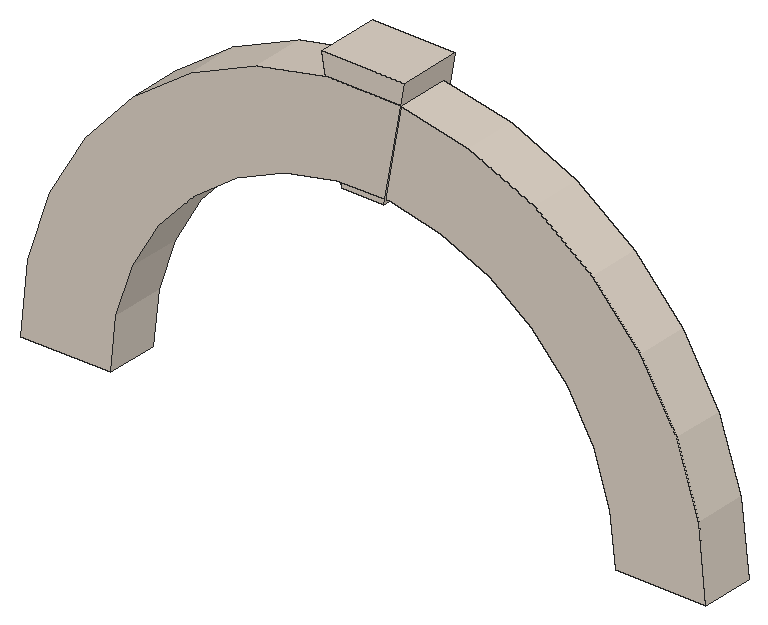
Revit family
Parameters (values of type "215mm Deep")
  Vis - Key Stone = yes
  U/S Key Stone [instance] = (Opening Width / 2) - 15.0 mm  # 585.0 mm
  Opening Width [instance] = 1200.0 mm
  Material Key Stone = Masonry - Stone
  Material Head = Masonry - Stone
  Lintol Thickness = 125.0 mm
  Lintol Offset from Ext = 25.0 mm
  Lintol Depth = 215.0 mm
  Keynote = "F"
  Key Stone Width = 100.0 mm
  Key Stone Projection = 50.0 mm
  Key Stone Depth = 275.0 mm
  Height to U/S Lintol [instance] = 2110.0 mm
Types (2, lengths in mm): name | Lintol Depth | Key Stone Width | Key Stone Projection | Key Stone Depth
  215mm Deep | 215.0 | 100.0 | 50.0 | 275.0
  102.5mm Deep | 102.5 | 75.0 | 40.0 | 140.0
Reference planes
  plane 1 "Wall": y = -11.298
  plane 2 "Center (Left/Right)": x = 161.814
  plane 3 "Back": y = 138.702
  plane 4: x = 761.814
  plane 5: x = -438.186
  plane 6: y = 163.702
  plane 7: y = 38.702
  plane 8: z = 2110
  plane 9: z = 2970
  plane 10: z = 2695
  plane 11: x = 111.814
  plane 12: x = 211.814
  plane 13: y = 188.702
Forms (mm)
  Extrusion 1, void
    sketch origin (0, 138.702, 0) x (-1, 0, 0) y (0, 0, 1)
      loop
        line (438.186, 2110) -> (653.186, 2110)
        arc (653.186, 2110) -> (-161.814, 2925) -> (-976.814, 2110) r 815
        line (-976.814, 2110) -> (-761.814, 2110)
        arc (-761.814, 2110) -> (-161.814, 2710) -> (438.186, 2110) r 600
    from 0 to -100
  Extrusion 2, solid, material "Masonry - Stone" <- "Material Head"
    sketch origin (0, 138.702, 0) x (1, 0, 0) y (0, 0, 1)
      loop
        arc (-438.186, 2110) -> (161.814, 2710) -> (761.814, 2110) r 600
        line (761.814, 2110) -> (976.814, 2110)
        arc (976.814, 2110) -> (161.814, 2925) -> (-653.186, 2110) r 815
        line (-653.186, 2110) -> (-438.186, 2110)
    from -25 to 100
  Extrusion 3, solid, material "Masonry - Stone" <- "Material Key Stone", visible <- "Vis - Key Stone"
    sketch origin (472.054, 163.702, 0) x (0, 0, 1) y (1, 0, 0)
      loop
        line (2695, -260.24) -> (2695, -360.24) -> (2970, -408.73) -> (2970, -211.75) -> (2695, -260.24)
    from 25 to -125
Lines and regions (mm)
  symbolic lines, visible <- "Vis - Key Stone"
    curve 1: line (0, 188.702, 2695) -> (0, 188.702, 2970)
    curve 2: line (0, 138.702, 2695) -> (0, 188.702, 2695)
    curve 3: line (0, 188.702, 2970) -> (0, 138.702, 2970)
Text (mm)
  text "Placement side" at (-1848.837, 1116.779, 0), in view "Ref. Level"
  text "Placement side" at (0, 1409.804, 2854.306), in view "Left"
  text "Placement side" at (0, 499.811, 2980.732), in view "Right"
Dimensions and locks
  locked: plane 3 "Back" to host wall
  equal spacing: plane 4, plane 2 "Center (Left/Right)", plane 5
  "Opening Width": plane 4 to plane 5
  "Lintol Offset from Ext": plane 3 "Back" to plane 6
  "Lintol Thickness": plane 7 to plane 6
  "Height to U/S Lintol": level to plane 8
  "Lintol Depth": Extrusion 2 sketch curve to plane 4
  "Lintol Depth": plane 5 to Extrusion 2 sketch curve
  "Lintol Depth": Extrusion 1 sketch curve to plane 4
  "Lintol Depth": plane 5 to Extrusion 1 sketch curve
  "U/S Key Stone": plane 8 to plane 10
  "Key Stone Depth": plane 10 to plane 9
  equal spacing: plane 12, plane 2 "Center (Left/Right)", plane 11
  "Key Stone Width": plane 11 to plane 12
  "Key Stone Projection": plane 3 "Back" to plane 13
  locked: plane 10 to Extrusion 3 sketch curve (angle 80.00°)
  locked: Extrusion 3 sketch curve to plane 10 (angle 80.00°)
  aligned and locked: plane 1 "Wall" to host wall
  aligned and locked: Extrusion 1 to plane 7
  aligned and locked: host wall to Extrusion 1
  aligned and locked: plane 6 to Extrusion 2
  aligned and locked: Extrusion 2 to plane 7
  aligned and locked: Extrusion 3 sketch curve to plane 9
  aligned and locked: plane 10 to Extrusion 3 sketch curve
  aligned and locked: Extrusion 3 to plane 7
  aligned and locked: Extrusion 3 to plane 13
  aligned and locked: curve 1 to Extrusion 3
  aligned and locked: Extrusion 3 to curve 2
  aligned and locked: curve 3 to Extrusion 3
Automatic sketch dimensions
  Extrusion 1 sketch curve to Extrusion 1 sketch curve = 0.0 mm
  Extrusion 1 sketch curve to plane 8 = 0.0 mm
  Extrusion 1 sketch curve to plane 5 = 0.0 mm
  Extrusion 2 sketch curve to Extrusion 2 sketch curve = 0.0 mm
  Extrusion 2 sketch curve to plane 8 = 0.0 mm
  Extrusion 2 sketch curve to plane 5 = 0.0 mm
  Extrusion 3 sketch curve to plane 11 = 0.0 mm
  Extrusion 3 sketch curve to plane 12 = 0.0 mm
  curve 2 to host wall = 0.0 mm
  curve 3 to host wall = 0.0 mm
